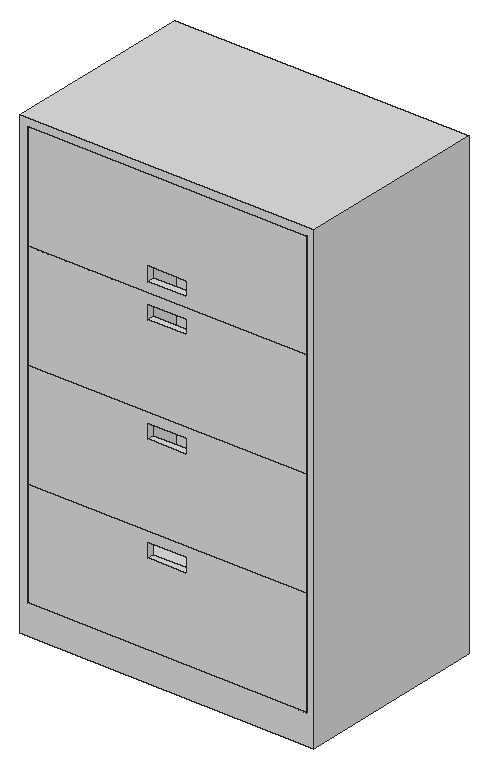
Revit family
Parameters (values of type "760 x 500 x 1200mm")
  Keynote = "N"
  Assembly Code = ""
  Depth = 500 mm
  Material = Metal - Steel
  Height = 1200 mm
  Width = 760 mm
Reference planes
  plane 1 "Center F/B": y = -934.318
  plane 2: z = 0
  plane 3 "Center L/R": x = -180.023
  plane 4: x = -560.023
  plane 5: x = 199.977
  plane 6: y = -1184.318
  plane 7: y = -684.318
  plane 8: x = 180.927
  plane 9: x = -540.973
  plane 10: y = -703.368
  plane 11: z = 76.2
  plane 12: z = 352.387
  plane 13: z = 628.575
  plane 14: z = 904.762
  plane 15: z = 1200
  plane 16: z = 1180.95
Forms (mm)
  Extrusion 1, solid, material "Metal - Steel" <- "Material"
    sketch origin (0, 0, 0) x (1, 0, 0) y (0, 1, 0)
      loop
        line (-560.023, -684.318) -> (-560.023, -1184.318) -> (199.977, -1184.318) -> (199.977, -684.318) -> (-560.023, -684.318)
    from 0 to 1200
  Extrusion 2, void
    sketch origin (-466.689, -1184.318, 1519.106) x (0, 0, -1) y (1, 0, 0)
      loop
        line (338.156, -74.284) -> (1442.906, -74.284) -> (1442.906, 647.616) -> (338.156, 647.616) -> (338.156, -74.284)
    from 0 to -480.95
  Extrusion 3, solid, material "Metal - Steel" <- "Material"
    sketch origin (-560.023, -1184.318, 1200) x (0, 0, -1) y (1, 0, 0)
      loop
        line (571.425, 19.05) -> (571.425, 740.95) -> (295.238, 740.95) -> (295.238, 19.05) -> (571.425, 19.05)
    from 0 to -19.05
  Extrusion 4, solid, material "Metal - Steel" <- "Material"
    sketch origin (-560.023, -1184.318, 1200) x (0, 0, -1) y (1, 0, 0)
      loop
        line (295.238, 19.05) -> (295.238, 740.95) -> (19.05, 740.95) -> (19.05, 19.05) -> (295.238, 19.05)
    from 0 to -19.05
  Extrusion 5, solid, material "Metal - Steel" <- "Material"
    sketch origin (-560.023, -1184.318, 1200) x (0, 0, -1) y (1, 0, 0)
      loop
        line (571.425, 19.05) -> (847.612, 19.05) -> (847.612, 740.95) -> (571.425, 740.95) -> (571.425, 19.05)
    from 0 to -19.05
  Extrusion 6, solid, material "Metal - Steel" <- "Material"
    sketch origin (-560.023, -1184.318, 1200) x (0, 0, -1) y (1, 0, 0)
      loop
        line (847.612, 19.05) -> (1123.8, 19.05) -> (1123.8, 740.95) -> (847.612, 740.95) -> (847.612, 19.05)
    from 0 to -19.05
  Extrusion 7, void
    sketch origin (-560.023, -1184.318, 1200) x (0, 0, -1) y (1, 0, 0)
      loop
        line (873.013, 329.2) -> (911.112, 329.2) -> (911.112, 430.8) -> (873.013, 430.8) -> (873.013, 329.2)
    from 0 to -19.05
  Extrusion 8, void
    sketch origin (-560.023, -1184.318, 1200) x (0, 0, -1) y (1, 0, 0)
      loop
        line (596.825, 329.2) -> (634.925, 329.2) -> (634.925, 430.8) -> (596.825, 430.8) -> (596.825, 329.2)
      loop
        line (320.638, 329.2) -> (358.738, 329.2) -> (358.738, 430.8) -> (320.638, 430.8) -> (320.638, 329.2)
      loop
        line (231.738, 329.2) -> (269.838, 329.2) -> (269.838, 430.8) -> (231.738, 430.8) -> (231.738, 329.2)
    from 0 to -19.05
Cuts and joins
  Extrusion 2, Extrusion 7, Extrusion 8 cuts Extrusion 1
  Extrusion 7, Extrusion 8 cuts Extrusion 3
  Extrusion 7, Extrusion 8 cuts Extrusion 4
  Extrusion 7, Extrusion 8 cuts Extrusion 5
  Extrusion 7, Extrusion 8 cuts Extrusion 6
Lines and regions (mm)
  Masking region 1
    outline origin (0, 0, 0) x (1, 0, 0) y (0, 1, 0)
      loop
        line (-560.023, -684.318) -> (-560.023, -1184.318) -> (199.977, -1184.318) -> (199.977, -684.318) -> (-560.023, -684.318)
  symbolic lines
    curve 1: line (199.977, -684.318, 0) -> (-560.023, -684.318, 0)
    curve 2: line (199.977, -1184.318, 0) -> (199.977, -684.318, 0)
    curve 3: line (-560.023, -1184.318, 0) -> (199.977, -1184.318, 0)
    curve 4: line (-560.023, -684.318, 0) -> (-560.023, -1184.318, 0)
Dimensions and locks
  equal spacing: plane 4, plane 3 "Center L/R", plane 5
  equal spacing: plane 6, plane 1 "Center F/B", plane 7
  "Depth": plane 6 to plane 7
  "Width": plane 4 to plane 5
  locked: plane 10 to plane 7 at 19.05
  "Height": plane 15 to plane 2
  locked: plane 11 to plane 2 at 76.2
  locked: plane 15 to plane 16 at 19.05
  plane 4 to plane 9 = 19.05 mm
  plane 8 to plane 5 = 19.05 mm
  equal spacing: plane 9, plane 3 "Center L/R", plane 8
  equal spacing: plane 16, plane 14, plane 13, plane 12, plane 11
  aligned and locked: Extrusion 2 to plane 10
  aligned and locked: plane 15 to Extrusion 1
  aligned and locked: Extrusion 1 to plane 2
  aligned and locked: plane 16 to Extrusion 2
  aligned and locked: Extrusion 2 sketch curve to plane 11
  aligned and locked: plane 16 to cut or joined group of Extrusion 4, Extrusion 7, Extrusion 8
  aligned and locked: curve 1 to cut or joined group of Extrusion 1, Extrusion 2, Extrusion 7, Extrusion 8
  aligned and locked: curve 2 to cut or joined group of Extrusion 1, Extrusion 2, Extrusion 7, Extrusion 8
  aligned and locked: curve 3 to cut or joined group of Extrusion 1, Extrusion 2, Extrusion 7, Extrusion 8
  aligned and locked: curve 4 to cut or joined group of Extrusion 1, Extrusion 2, Extrusion 7, Extrusion 8
Automatic sketch dimensions
  Extrusion 2 sketch curve to plane 8 = 0 mm
  Extrusion 2 sketch curve to plane 16 = 0 mm
  Extrusion 2 sketch curve to plane 9 = 0 mm
  Extrusion 3 sketch curve to plane 9 = 0 mm
  Extrusion 3 sketch curve to plane 8 = 0 mm
  Extrusion 4 sketch curve to plane 9 = 0 mm
  Extrusion 4 sketch curve to plane 8 = 0 mm
  Extrusion 5 sketch curve to plane 9 = 0 mm
  Extrusion 5 sketch curve to plane 8 = 0 mm
  Extrusion 8 sketch curve to plane 3 "Center L/R" = 50.8 mm  (x3)
  plane 3 "Center L/R" to Extrusion 8 sketch curve = 50.8 mm  (x3)
  plane 14 to Extrusion 8 sketch curve = 25.4 mm
  Extrusion 8 sketch curve to Extrusion 8 sketch curve = 38.1 mm
  Masking region 1 sketch curve to plane 4 = 0 mm
  Masking region 1 sketch curve to plane 5 = 0 mm
  Masking region 1 sketch curve to plane 6 = 0 mm
  Masking region 1 sketch curve to plane 7 = 0 mm
